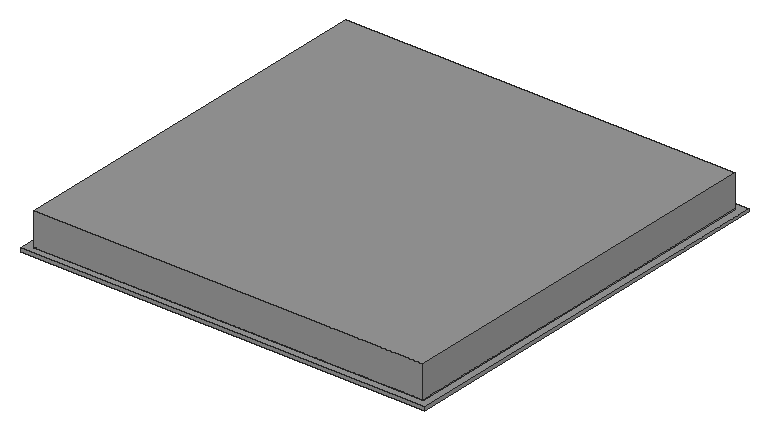
Revit family "63_UN_LEDPanel_RTP-XM 595x595 3-Lamps_Norton", category Lighting Fixtures, Revit 2019
Family settings
  Round Connector Dimension = Use Diameter
  Part Type = Normal
  OmniClass Number = 23.80.70.11.14.11
  OmniClass Title = Downlights
  Work Plane-Based = No
  Always vertical = Yes
  Cut with Voids When Loaded = No
  Light Source = Yes
  Shared = No
  Room Calculation Point = Yes
Parameters (values of type "RTP-XM LED 84 3 2900LM GST")
  Wattage Comments = "27W"
  Wattage = 19.5231 W
  built-in parameter 1150110 = 1 (stored number, unit not read)
  Voltage = 230 V
  URL = "https://www.ivlibrary.com/"
  Type Comments = "60x60"
  built-in parameter 1114217 = 1 (stored number, unit not read)
  Tilt Angle = 90.00°
  built-in parameter 1150109 = 1 (stored number, unit not read)
  built-in parameter 1150134 = 3
  Symbol_ToScale [instance] = not(Symbol_RealSize)  # no
  Symbol_RealSize [instance] = yes
  Switch Code [instance] = ""
  built-in parameter 1150113 = 1 (stored number, unit not read)
  Photometric Web File = "RTPXMLED843NLM2900_LDT.ies"
  Model = "RTP XM"
  Manufacturer = "Norton"
  built-in parameter 1150105 = 230.77 (stored number, unit not read)
  Luminous Flux (lm) = 2900 lm
  Lumens = 2900 lm
  built-in parameter 1150115 = 1 (stored number, unit not read)
  Luminaire Code [instance] = ""
  built-in parameter 1150137 = (empty or 0)
  built-in parameter 1150139 = (empty or 0)
  built-in parameter 1150112 = 1 (stored number, unit not read)
  built-in parameter 1150114 = 1 (stored number, unit not read)
  Lamp = "LED"
  L3 = 11 mm
  L2 = 596 mm
  L1 = 596 mm
  built-in parameter 1150132 = 2
  built-in parameter 1150102 = (empty or 0)
  built-in parameter 1150107 = 3200 (stored number, unit not read)
  built-in parameter 1150138 = (empty or 0)
  built-in parameter 1150106 = 2.3077 (stored number, unit not read)
  IfcExportType = "USERDEFINED"
  IfcExportAs = "IfcLightFixtureType"
  ISBN Code = "-"
  IP Value = "IP20"
  IK Value = "IK07"
  Housing_Material = Laminate, White
  H1 = 48 mm
  GTIN Code = "-"
  Emit from Rectangle Width = L2 - (L3 * 2)  # 574 mm
  Emit from Rectangle Length = L1 - (L3 * 2)  # 574 mm
  Emit Shape Visible in Rendering = no
  built-in parameter 1150104 = 13.8 (stored number, unit not read)
  ETIM Code = "-"
  Dimming Lamp Color Temperature Shift = <None>
  Description = ""
  Content Creator® = "www.ivlibrary.com"
  Color Filter = 16777215
  Calc_L2_Symbol = L2 / 100  # 5.96 mm
  Calc_L1_Symbol = L1 / 100  # 5.96 mm
  built-in parameter 1114218 = 1 (stored number, unit not read)
  built-in parameter 1150133 = 10 (stored number, unit not read)
  Assembly Code = "63.0"
  Apparent Load = 27 VA
Types (3, lengths in mm): name | Wattage | Photometric Web File | built-in parameter 1150105 | Luminous Flux (lm) | Lumens | built-in parameter 1150106
  RTP-XM LED 83 3 2800LM GST | 18.8499 W | "RTPXMLED833NLM2800_LDT.ies" | 222.82 (stored number, unit not read) | 2800 lm | 2800 lm | 2.2282 (stored number, unit not read)
  RTP-XM LED 83 3 2800LM GST NOOD | 18.8499 W | "RTPXMLED833NLM2800_LDT.ies" | 222.82 (stored number, unit not read) | 2800 lm | 2800 lm | 2.2282 (stored number, unit not read)
  RTP-XM LED 84 3 2900LM GST | 19.5231 W | "RTPXMLED843NLM2900_LDT.ies" | 230.77 (stored number, unit not read) | 2900 lm | 2900 lm | 2.3077 (stored number, unit not read)
Reference planes
  plane 1 "Center (Front/Back)": y = 0
  plane 2: z = 0
  plane 3 "Center (Left/Right)": x = 0
  plane 4: x = -287
  plane 5: x = 287
  plane 6: y = 287
  plane 7: y = -287
  plane 8: x = -298
  plane 9: x = 298
  plane 10: y = -298
  plane 11: y = 298
Forms (mm)
  Extrusion 1, solid, material "Laminate, White" <- "Housing_Material"
    sketch origin (0, 0, 0) x (1, 0, 0) y (0, 1, 0)
      loop
        line (-287, 287) -> (-287, -287) -> (287, -287) -> (287, 287) -> (-287, 287)
    from 0 to 48 <- "H1"
  Extrusion 2, solid, material "Laminate, White" <- "Housing_Material"
    sketch origin (0, 0, 0) x (1, 0, 0) y (0, 1, 0)
      loop
        line (-287, 287) -> (-287, -287) -> (287, -287) -> (287, 287) -> (-287, 287)
    from 0 to -1
  Extrusion 3, solid, material "Laminate, White" <- "Housing_Material"
    sketch origin (0, 0, 0) x (1, 0, 0) y (0, 1, 0)
      loop
        line (-287, 287) -> (-287, -287) -> (287, -287) -> (287, 287) -> (-287, 287)
      loop
        line (-298, -298) -> (298, -298) -> (298, 298) -> (-298, 298) -> (-298, -298)
    from 0 to -5
  Extrusion 4, void
    sketch origin (0, 0, 0) x (1, 0, 0) y (0, 0, 1)
      loop
        line (207.881, -5) -> (283.164, -5) -> (283.164, 12.612) -> (278.834, 15.112)
        arc (278.834, 15.112) -> (274.801, 30.999) -> (263.68, 43.039) r 33.311
        line (263.68, 43.039) -> (227.366, 43.039)
        arc (227.366, 43.039) -> (216.244, 30.999) -> (212.212, 15.112) r 33.311
        line (212.212, 15.112) -> (207.881, 12.612) -> (207.881, -5)
    from 282.903 to -282.882
  Extrusion 5, solid, material "Laminate, White" <- "Housing_Material"
    sketch origin (11, 250, 0) x (1, 0, 0) y (0, 0, 1)
      loop
        line (196.881, -1) -> (272.164, -1) -> (272.164, 12.612) -> (267.834, 15.112)
        arc (267.834, 15.112) -> (263.801, 30.999) -> (252.68, 43.039) r 33.311
        line (252.68, 43.039) -> (216.366, 43.039)
        arc (216.366, 43.039) -> (205.244, 30.999) -> (201.212, 15.112) r 33.311
        line (201.212, 15.112) -> (196.881, 12.612) -> (196.881, -1)
    from 1 to -1
  Extrusion 6, solid, material "Glass, White, High Luminance"
    sketch origin (0, 0, 0) x (1, 0, 0) y (0, 1, 0)
      loop
        line (263.662, 282.882) -> (227.351, 282.882) -> (227.351, -282.903) -> (263.662, -282.903) -> (263.662, 282.882)
    from 43.039 to 41.487
  Extrusion 7, solid, material "Laminate, White" <- "Housing_Material"
    sketch origin (11, -252.5, 0) x (1, 0, 0) y (0, 0, 1)
      loop
        line (196.881, -1) -> (272.164, -1) -> (272.164, 12.612) -> (267.834, 15.112)
        arc (267.834, 15.112) -> (263.801, 30.999) -> (252.68, 43.039) r 33.311
        line (252.68, 43.039) -> (216.366, 43.039)
        arc (216.366, 43.039) -> (205.244, 30.999) -> (201.212, 15.112) r 33.311
        line (201.212, 15.112) -> (196.881, 12.612) -> (196.881, -1)
    from 1 to -1
  Extrusion 8, solid, material "Laminate, White" <- "Housing_Material"
    sketch origin (11, 208.125, 0) x (1, 0, 0) y (0, 0, 1)
      loop
        line (196.881, -1) -> (272.164, -1) -> (272.164, 12.612) -> (267.834, 15.112)
        arc (267.834, 15.112) -> (263.801, 30.999) -> (252.68, 43.039) r 33.311
        line (252.68, 43.039) -> (216.366, 43.039)
        arc (216.366, 43.039) -> (205.244, 30.999) -> (201.212, 15.112) r 33.311
        line (201.212, 15.112) -> (196.881, 12.612) -> (196.881, -1)
    from 1 to -1
  Extrusion 9, solid, material "Laminate, White" <- "Housing_Material"
    sketch origin (11, 166.25, 0) x (1, 0, 0) y (0, 0, 1)
      loop
        line (196.881, -1) -> (272.164, -1) -> (272.164, 12.612) -> (267.834, 15.112)
        arc (267.834, 15.112) -> (263.801, 30.999) -> (252.68, 43.039) r 33.311
        line (252.68, 43.039) -> (216.366, 43.039)
        arc (216.366, 43.039) -> (205.244, 30.999) -> (201.212, 15.112) r 33.311
        line (201.212, 15.112) -> (196.881, 12.612) -> (196.881, -1)
    from 1 to -1
  Extrusion 10, solid, material "Laminate, White" <- "Housing_Material"
    sketch origin (11, 124.375, 0) x (1, 0, 0) y (0, 0, 1)
      loop
        line (196.881, -1) -> (272.164, -1) -> (272.164, 12.612) -> (267.834, 15.112)
        arc (267.834, 15.112) -> (263.801, 30.999) -> (252.68, 43.039) r 33.311
        line (252.68, 43.039) -> (216.366, 43.039)
        arc (216.366, 43.039) -> (205.244, 30.999) -> (201.212, 15.112) r 33.311
        line (201.212, 15.112) -> (196.881, 12.612) -> (196.881, -1)
    from 1 to -1
  Extrusion 11, solid, material "Laminate, White" <- "Housing_Material"
    sketch origin (11, 82.5, 0) x (1, 0, 0) y (0, 0, 1)
      loop
        line (196.881, -1) -> (272.164, -1) -> (272.164, 12.612) -> (267.834, 15.112)
        arc (267.834, 15.112) -> (263.801, 30.999) -> (252.68, 43.039) r 33.311
        line (252.68, 43.039) -> (216.366, 43.039)
        arc (216.366, 43.039) -> (205.244, 30.999) -> (201.212, 15.112) r 33.311
        line (201.212, 15.112) -> (196.881, 12.612) -> (196.881, -1)
    from 1 to -1
  Extrusion 12, solid, material "Laminate, White" <- "Housing_Material"
    sketch origin (11, 40.625, 0) x (1, 0, 0) y (0, 0, 1)
      loop
        line (196.881, -1) -> (272.164, -1) -> (272.164, 12.612) -> (267.834, 15.112)
        arc (267.834, 15.112) -> (263.801, 30.999) -> (252.68, 43.039) r 33.311
        line (252.68, 43.039) -> (216.366, 43.039)
        arc (216.366, 43.039) -> (205.244, 30.999) -> (201.212, 15.112) r 33.311
        line (201.212, 15.112) -> (196.881, 12.612) -> (196.881, -1)
    from 1 to -1
  Extrusion 13, solid, material "Laminate, White" <- "Housing_Material"
    sketch origin (11, -1.25, 0) x (1, 0, 0) y (0, 0, 1)
      loop
        line (196.881, -1) -> (272.164, -1) -> (272.164, 12.612) -> (267.834, 15.112)
        arc (267.834, 15.112) -> (263.801, 30.999) -> (252.68, 43.039) r 33.311
        line (252.68, 43.039) -> (216.366, 43.039)
        arc (216.366, 43.039) -> (205.244, 30.999) -> (201.212, 15.112) r 33.311
        line (201.212, 15.112) -> (196.881, 12.612) -> (196.881, -1)
    from 1 to -1
  Extrusion 14, solid, material "Laminate, White" <- "Housing_Material"
    sketch origin (11, -43.125, 0) x (1, 0, 0) y (0, 0, 1)
      loop
        line (196.881, -1) -> (272.164, -1) -> (272.164, 12.612) -> (267.834, 15.112)
        arc (267.834, 15.112) -> (263.801, 30.999) -> (252.68, 43.039) r 33.311
        line (252.68, 43.039) -> (216.366, 43.039)
        arc (216.366, 43.039) -> (205.244, 30.999) -> (201.212, 15.112) r 33.311
        line (201.212, 15.112) -> (196.881, 12.612) -> (196.881, -1)
    from 1 to -1
  Extrusion 15, solid, material "Laminate, White" <- "Housing_Material"
    sketch origin (11, -85, 0) x (1, 0, 0) y (0, 0, 1)
      loop
        line (196.881, -1) -> (272.164, -1) -> (272.164, 12.612) -> (267.834, 15.112)
        arc (267.834, 15.112) -> (263.801, 30.999) -> (252.68, 43.039) r 33.311
        line (252.68, 43.039) -> (216.366, 43.039)
        arc (216.366, 43.039) -> (205.244, 30.999) -> (201.212, 15.112) r 33.311
        line (201.212, 15.112) -> (196.881, 12.612) -> (196.881, -1)
    from 1 to -1
  Extrusion 16, solid, material "Laminate, White" <- "Housing_Material"
    sketch origin (11, -126.875, 0) x (1, 0, 0) y (0, 0, 1)
      loop
        line (196.881, -1) -> (272.164, -1) -> (272.164, 12.612) -> (267.834, 15.112)
        arc (267.834, 15.112) -> (263.801, 30.999) -> (252.68, 43.039) r 33.311
        line (252.68, 43.039) -> (216.366, 43.039)
        arc (216.366, 43.039) -> (205.244, 30.999) -> (201.212, 15.112) r 33.311
        line (201.212, 15.112) -> (196.881, 12.612) -> (196.881, -1)
    from 1 to -1
  Extrusion 17, solid, material "Laminate, White" <- "Housing_Material"
    sketch origin (11, -168.75, 0) x (1, 0, 0) y (0, 0, 1)
      loop
        line (196.881, -1) -> (272.164, -1) -> (272.164, 12.612) -> (267.834, 15.112)
        arc (267.834, 15.112) -> (263.801, 30.999) -> (252.68, 43.039) r 33.311
        line (252.68, 43.039) -> (216.366, 43.039)
        arc (216.366, 43.039) -> (205.244, 30.999) -> (201.212, 15.112) r 33.311
        line (201.212, 15.112) -> (196.881, 12.612) -> (196.881, -1)
    from 1 to -1
  Extrusion 18, solid, material "Laminate, White" <- "Housing_Material"
    sketch origin (11, -210.625, 0) x (1, 0, 0) y (0, 0, 1)
      loop
        line (196.881, -1) -> (272.164, -1) -> (272.164, 12.612) -> (267.834, 15.112)
        arc (267.834, 15.112) -> (263.801, 30.999) -> (252.68, 43.039) r 33.311
        line (252.68, 43.039) -> (216.366, 43.039)
        arc (216.366, 43.039) -> (205.244, 30.999) -> (201.212, 15.112) r 33.311
        line (201.212, 15.112) -> (196.881, 12.612) -> (196.881, -1)
    from 1 to -1
  Extrusion 19, solid, material "Laminate, White" <- "Housing_Material"
    sketch origin (-479.551, 250, 0) x (1, 0, 0) y (0, 0, 1)
      loop
        line (196.881, -1) -> (272.164, -1) -> (272.164, 12.612) -> (267.834, 15.112)
        arc (267.834, 15.112) -> (263.801, 30.999) -> (252.68, 43.039) r 33.311
        line (252.68, 43.039) -> (216.366, 43.039)
        arc (216.366, 43.039) -> (205.244, 30.999) -> (201.212, 15.112) r 33.311
        line (201.212, 15.112) -> (196.881, 12.612) -> (196.881, -1)
    from 1 to -1
  Extrusion 20, solid, material "Glass, White, High Luminance"
    sketch origin (-490.551, 0, 0) x (1, 0, 0) y (0, 1, 0)
      loop
        line (263.662, 282.882) -> (227.351, 282.882) -> (227.351, -282.903) -> (263.662, -282.903) -> (263.662, 282.882)
    from 43.039 to 41.487
  Extrusion 21, solid, material "Laminate, White" <- "Housing_Material"
    sketch origin (-479.551, -252.5, 0) x (1, 0, 0) y (0, 0, 1)
      loop
        line (196.881, -1) -> (272.164, -1) -> (272.164, 12.612) -> (267.834, 15.112)
        arc (267.834, 15.112) -> (263.801, 30.999) -> (252.68, 43.039) r 33.311
        line (252.68, 43.039) -> (216.366, 43.039)
        arc (216.366, 43.039) -> (205.244, 30.999) -> (201.212, 15.112) r 33.311
        line (201.212, 15.112) -> (196.881, 12.612) -> (196.881, -1)
    from 1 to -1
  Extrusion 22, solid, material "Laminate, White" <- "Housing_Material"
    sketch origin (-479.551, 208.125, 0) x (1, 0, 0) y (0, 0, 1)
      loop
        line (196.881, -1) -> (272.164, -1) -> (272.164, 12.612) -> (267.834, 15.112)
        arc (267.834, 15.112) -> (263.801, 30.999) -> (252.68, 43.039) r 33.311
        line (252.68, 43.039) -> (216.366, 43.039)
        arc (216.366, 43.039) -> (205.244, 30.999) -> (201.212, 15.112) r 33.311
        line (201.212, 15.112) -> (196.881, 12.612) -> (196.881, -1)
    from 1 to -1
  Extrusion 23, solid, material "Laminate, White" <- "Housing_Material"
    sketch origin (-479.551, 166.25, 0) x (1, 0, 0) y (0, 0, 1)
      loop
        line (196.881, -1) -> (272.164, -1) -> (272.164, 12.612) -> (267.834, 15.112)
        arc (267.834, 15.112) -> (263.801, 30.999) -> (252.68, 43.039) r 33.311
        line (252.68, 43.039) -> (216.366, 43.039)
        arc (216.366, 43.039) -> (205.244, 30.999) -> (201.212, 15.112) r 33.311
        line (201.212, 15.112) -> (196.881, 12.612) -> (196.881, -1)
    from 1 to -1
  Extrusion 24, solid, material "Laminate, White" <- "Housing_Material"
    sketch origin (-479.551, 124.375, 0) x (1, 0, 0) y (0, 0, 1)
      loop
        line (196.881, -1) -> (272.164, -1) -> (272.164, 12.612) -> (267.834, 15.112)
        arc (267.834, 15.112) -> (263.801, 30.999) -> (252.68, 43.039) r 33.311
        line (252.68, 43.039) -> (216.366, 43.039)
        arc (216.366, 43.039) -> (205.244, 30.999) -> (201.212, 15.112) r 33.311
        line (201.212, 15.112) -> (196.881, 12.612) -> (196.881, -1)
    from 1 to -1
  Extrusion 25, solid, material "Laminate, White" <- "Housing_Material"
    sketch origin (-479.551, 82.5, 0) x (1, 0, 0) y (0, 0, 1)
      loop
        line (196.881, -1) -> (272.164, -1) -> (272.164, 12.612) -> (267.834, 15.112)
        arc (267.834, 15.112) -> (263.801, 30.999) -> (252.68, 43.039) r 33.311
        line (252.68, 43.039) -> (216.366, 43.039)
        arc (216.366, 43.039) -> (205.244, 30.999) -> (201.212, 15.112) r 33.311
        line (201.212, 15.112) -> (196.881, 12.612) -> (196.881, -1)
    from 1 to -1
  Extrusion 26, solid, material "Laminate, White" <- "Housing_Material"
    sketch origin (-479.551, 40.625, 0) x (1, 0, 0) y (0, 0, 1)
      loop
        line (196.881, -1) -> (272.164, -1) -> (272.164, 12.612) -> (267.834, 15.112)
        arc (267.834, 15.112) -> (263.801, 30.999) -> (252.68, 43.039) r 33.311
        line (252.68, 43.039) -> (216.366, 43.039)
        arc (216.366, 43.039) -> (205.244, 30.999) -> (201.212, 15.112) r 33.311
        line (201.212, 15.112) -> (196.881, 12.612) -> (196.881, -1)
    from 1 to -1
  Extrusion 27, solid, material "Laminate, White" <- "Housing_Material"
    sketch origin (-479.551, -1.25, 0) x (1, 0, 0) y (0, 0, 1)
      loop
        line (196.881, -1) -> (272.164, -1) -> (272.164, 12.612) -> (267.834, 15.112)
        arc (267.834, 15.112) -> (263.801, 30.999) -> (252.68, 43.039) r 33.311
        line (252.68, 43.039) -> (216.366, 43.039)
        arc (216.366, 43.039) -> (205.244, 30.999) -> (201.212, 15.112) r 33.311
        line (201.212, 15.112) -> (196.881, 12.612) -> (196.881, -1)
    from 1 to -1
  Extrusion 28, solid, material "Laminate, White" <- "Housing_Material"
    sketch origin (-479.551, -43.125, 0) x (1, 0, 0) y (0, 0, 1)
      loop
        line (196.881, -1) -> (272.164, -1) -> (272.164, 12.612) -> (267.834, 15.112)
        arc (267.834, 15.112) -> (263.801, 30.999) -> (252.68, 43.039) r 33.311
        line (252.68, 43.039) -> (216.366, 43.039)
        arc (216.366, 43.039) -> (205.244, 30.999) -> (201.212, 15.112) r 33.311
        line (201.212, 15.112) -> (196.881, 12.612) -> (196.881, -1)
    from 1 to -1
  Extrusion 29, solid, material "Laminate, White" <- "Housing_Material"
    sketch origin (-479.551, -85, 0) x (1, 0, 0) y (0, 0, 1)
      loop
        line (196.881, -1) -> (272.164, -1) -> (272.164, 12.612) -> (267.834, 15.112)
        arc (267.834, 15.112) -> (263.801, 30.999) -> (252.68, 43.039) r 33.311
        line (252.68, 43.039) -> (216.366, 43.039)
        arc (216.366, 43.039) -> (205.244, 30.999) -> (201.212, 15.112) r 33.311
        line (201.212, 15.112) -> (196.881, 12.612) -> (196.881, -1)
    from 1 to -1
  Extrusion 30, solid, material "Laminate, White" <- "Housing_Material"
    sketch origin (-479.551, -126.875, 0) x (1, 0, 0) y (0, 0, 1)
      loop
        line (196.881, -1) -> (272.164, -1) -> (272.164, 12.612) -> (267.834, 15.112)
        arc (267.834, 15.112) -> (263.801, 30.999) -> (252.68, 43.039) r 33.311
        line (252.68, 43.039) -> (216.366, 43.039)
        arc (216.366, 43.039) -> (205.244, 30.999) -> (201.212, 15.112) r 33.311
        line (201.212, 15.112) -> (196.881, 12.612) -> (196.881, -1)
    from 1 to -1
  Extrusion 31, solid, material "Laminate, White" <- "Housing_Material"
    sketch origin (-479.551, -168.75, 0) x (1, 0, 0) y (0, 0, 1)
      loop
        line (196.881, -1) -> (272.164, -1) -> (272.164, 12.612) -> (267.834, 15.112)
        arc (267.834, 15.112) -> (263.801, 30.999) -> (252.68, 43.039) r 33.311
        line (252.68, 43.039) -> (216.366, 43.039)
        arc (216.366, 43.039) -> (205.244, 30.999) -> (201.212, 15.112) r 33.311
        line (201.212, 15.112) -> (196.881, 12.612) -> (196.881, -1)
    from 1 to -1
  Extrusion 32, solid, material "Laminate, White" <- "Housing_Material"
    sketch origin (-479.551, -210.625, 0) x (1, 0, 0) y (0, 0, 1)
      loop
        line (196.881, -1) -> (272.164, -1) -> (272.164, 12.612) -> (267.834, 15.112)
        arc (267.834, 15.112) -> (263.801, 30.999) -> (252.68, 43.039) r 33.311
        line (252.68, 43.039) -> (216.366, 43.039)
        arc (216.366, 43.039) -> (205.244, 30.999) -> (201.212, 15.112) r 33.311
        line (201.212, 15.112) -> (196.881, 12.612) -> (196.881, -1)
    from 1 to -1
  Extrusion 33, void
    sketch origin (-490.551, 0, 0) x (1, 0, 0) y (0, 0, 1)
      loop
        line (207.881, -5) -> (283.164, -5) -> (283.164, 12.612) -> (278.834, 15.112)
        arc (278.834, 15.112) -> (274.801, 30.999) -> (263.68, 43.039) r 33.311
        line (263.68, 43.039) -> (227.366, 43.039)
        arc (227.366, 43.039) -> (216.244, 30.999) -> (212.212, 15.112) r 33.311
        line (212.212, 15.112) -> (207.881, 12.612) -> (207.881, -5)
    from 282.903 to -282.882
  Extrusion 34, void
    sketch origin (-245.507, 0, 0) x (1, 0, 0) y (0, 0, 1)
      loop
        line (207.881, -5) -> (283.164, -5) -> (283.164, 12.612) -> (278.834, 15.112)
        arc (278.834, 15.112) -> (274.801, 30.999) -> (263.68, 43.039) r 33.311
        line (263.68, 43.039) -> (227.366, 43.039)
        arc (227.366, 43.039) -> (216.244, 30.999) -> (212.212, 15.112) r 33.311
        line (212.212, 15.112) -> (207.881, 12.612) -> (207.881, -5)
    from 282.903 to -282.882
  Extrusion 35, solid, material "Laminate, White" <- "Housing_Material"
    sketch origin (-234.507, 250, 0) x (1, 0, 0) y (0, 0, 1)
      loop
        line (196.881, -1) -> (272.164, -1) -> (272.164, 12.612) -> (267.834, 15.112)
        arc (267.834, 15.112) -> (263.801, 30.999) -> (252.68, 43.039) r 33.311
        line (252.68, 43.039) -> (216.366, 43.039)
        arc (216.366, 43.039) -> (205.244, 30.999) -> (201.212, 15.112) r 33.311
        line (201.212, 15.112) -> (196.881, 12.612) -> (196.881, -1)
    from 1 to -1
  Extrusion 36, solid, material "Laminate, White" <- "Housing_Material"
    sketch origin (-234.507, -252.5, 0) x (1, 0, 0) y (0, 0, 1)
      loop
        line (196.881, -1) -> (272.164, -1) -> (272.164, 12.612) -> (267.834, 15.112)
        arc (267.834, 15.112) -> (263.801, 30.999) -> (252.68, 43.039) r 33.311
        line (252.68, 43.039) -> (216.366, 43.039)
        arc (216.366, 43.039) -> (205.244, 30.999) -> (201.212, 15.112) r 33.311
        line (201.212, 15.112) -> (196.881, 12.612) -> (196.881, -1)
    from 1 to -1
  Extrusion 37, solid, material "Laminate, White" <- "Housing_Material"
    sketch origin (-234.507, 208.125, 0) x (1, 0, 0) y (0, 0, 1)
      loop
        line (196.881, -1) -> (272.164, -1) -> (272.164, 12.612) -> (267.834, 15.112)
        arc (267.834, 15.112) -> (263.801, 30.999) -> (252.68, 43.039) r 33.311
        line (252.68, 43.039) -> (216.366, 43.039)
        arc (216.366, 43.039) -> (205.244, 30.999) -> (201.212, 15.112) r 33.311
        line (201.212, 15.112) -> (196.881, 12.612) -> (196.881, -1)
    from 1 to -1
  Extrusion 38, solid, material "Laminate, White" <- "Housing_Material"
    sketch origin (-234.507, 166.25, 0) x (1, 0, 0) y (0, 0, 1)
      loop
        line (196.881, -1) -> (272.164, -1) -> (272.164, 12.612) -> (267.834, 15.112)
        arc (267.834, 15.112) -> (263.801, 30.999) -> (252.68, 43.039) r 33.311
        line (252.68, 43.039) -> (216.366, 43.039)
        arc (216.366, 43.039) -> (205.244, 30.999) -> (201.212, 15.112) r 33.311
        line (201.212, 15.112) -> (196.881, 12.612) -> (196.881, -1)
    from 1 to -1
  Extrusion 39, solid, material "Laminate, White" <- "Housing_Material"
    sketch origin (-234.507, 124.375, 0) x (1, 0, 0) y (0, 0, 1)
      loop
        line (196.881, -1) -> (272.164, -1) -> (272.164, 12.612) -> (267.834, 15.112)
        arc (267.834, 15.112) -> (263.801, 30.999) -> (252.68, 43.039) r 33.311
        line (252.68, 43.039) -> (216.366, 43.039)
        arc (216.366, 43.039) -> (205.244, 30.999) -> (201.212, 15.112) r 33.311
        line (201.212, 15.112) -> (196.881, 12.612) -> (196.881, -1)
    from 1 to -1
  Extrusion 40, solid, material "Laminate, White" <- "Housing_Material"
    sketch origin (-234.507, 82.5, 0) x (1, 0, 0) y (0, 0, 1)
      loop
        line (196.881, -1) -> (272.164, -1) -> (272.164, 12.612) -> (267.834, 15.112)
        arc (267.834, 15.112) -> (263.801, 30.999) -> (252.68, 43.039) r 33.311
        line (252.68, 43.039) -> (216.366, 43.039)
        arc (216.366, 43.039) -> (205.244, 30.999) -> (201.212, 15.112) r 33.311
        line (201.212, 15.112) -> (196.881, 12.612) -> (196.881, -1)
    from 1 to -1
  Extrusion 41, solid, material "Laminate, White" <- "Housing_Material"
    sketch origin (-234.507, 40.625, 0) x (1, 0, 0) y (0, 0, 1)
      loop
        line (196.881, -1) -> (272.164, -1) -> (272.164, 12.612) -> (267.834, 15.112)
        arc (267.834, 15.112) -> (263.801, 30.999) -> (252.68, 43.039) r 33.311
        line (252.68, 43.039) -> (216.366, 43.039)
        arc (216.366, 43.039) -> (205.244, 30.999) -> (201.212, 15.112) r 33.311
        line (201.212, 15.112) -> (196.881, 12.612) -> (196.881, -1)
    from 1 to -1
  Extrusion 42, solid, material "Laminate, White" <- "Housing_Material"
    sketch origin (-234.507, -1.25, 0) x (1, 0, 0) y (0, 0, 1)
      loop
        line (196.881, -1) -> (272.164, -1) -> (272.164, 12.612) -> (267.834, 15.112)
        arc (267.834, 15.112) -> (263.801, 30.999) -> (252.68, 43.039) r 33.311
        line (252.68, 43.039) -> (216.366, 43.039)
        arc (216.366, 43.039) -> (205.244, 30.999) -> (201.212, 15.112) r 33.311
        line (201.212, 15.112) -> (196.881, 12.612) -> (196.881, -1)
    from 1 to -1
  Extrusion 43, solid, material "Laminate, White" <- "Housing_Material"
    sketch origin (-234.507, -43.125, 0) x (1, 0, 0) y (0, 0, 1)
      loop
        line (196.881, -1) -> (272.164, -1) -> (272.164, 12.612) -> (267.834, 15.112)
        arc (267.834, 15.112) -> (263.801, 30.999) -> (252.68, 43.039) r 33.311
        line (252.68, 43.039) -> (216.366, 43.039)
        arc (216.366, 43.039) -> (205.244, 30.999) -> (201.212, 15.112) r 33.311
        line (201.212, 15.112) -> (196.881, 12.612) -> (196.881, -1)
    from 1 to -1
  Extrusion 44, solid, material "Laminate, White" <- "Housing_Material"
    sketch origin (-234.507, -85, 0) x (1, 0, 0) y (0, 0, 1)
      loop
        line (196.881, -1) -> (272.164, -1) -> (272.164, 12.612) -> (267.834, 15.112)
        arc (267.834, 15.112) -> (263.801, 30.999) -> (252.68, 43.039) r 33.311
        line (252.68, 43.039) -> (216.366, 43.039)
        arc (216.366, 43.039) -> (205.244, 30.999) -> (201.212, 15.112) r 33.311
        line (201.212, 15.112) -> (196.881, 12.612) -> (196.881, -1)
    from 1 to -1
  Extrusion 45, solid, material "Laminate, White" <- "Housing_Material"
    sketch origin (-234.507, -126.875, 0) x (1, 0, 0) y (0, 0, 1)
      loop
        line (196.881, -1) -> (272.164, -1) -> (272.164, 12.612) -> (267.834, 15.112)
        arc (267.834, 15.112) -> (263.801, 30.999) -> (252.68, 43.039) r 33.311
        line (252.68, 43.039) -> (216.366, 43.039)
        arc (216.366, 43.039) -> (205.244, 30.999) -> (201.212, 15.112) r 33.311
        line (201.212, 15.112) -> (196.881, 12.612) -> (196.881, -1)
    from 1 to -1
  Extrusion 46, solid, material "Laminate, White" <- "Housing_Material"
    sketch origin (-234.507, -168.75, 0) x (1, 0, 0) y (0, 0, 1)
      loop
        line (196.881, -1) -> (272.164, -1) -> (272.164, 12.612) -> (267.834, 15.112)
        arc (267.834, 15.112) -> (263.801, 30.999) -> (252.68, 43.039) r 33.311
        line (252.68, 43.039) -> (216.366, 43.039)
        arc (216.366, 43.039) -> (205.244, 30.999) -> (201.212, 15.112) r 33.311
        line (201.212, 15.112) -> (196.881, 12.612) -> (196.881, -1)
    from 1 to -1
  Extrusion 47, solid, material "Laminate, White" <- "Housing_Material"
    sketch origin (-234.507, -210.625, 0) x (1, 0, 0) y (0, 0, 1)
      loop
        line (196.881, -1) -> (272.164, -1) -> (272.164, 12.612) -> (267.834, 15.112)
        arc (267.834, 15.112) -> (263.801, 30.999) -> (252.68, 43.039) r 33.311
        line (252.68, 43.039) -> (216.366, 43.039)
        arc (216.366, 43.039) -> (205.244, 30.999) -> (201.212, 15.112) r 33.311
        line (201.212, 15.112) -> (196.881, 12.612) -> (196.881, -1)
    from 1 to -1
  Extrusion 48, solid, material "Glass, White, High Luminance"
    sketch origin (-41.971, -0.591, 0) x (1, 0, 0) y (0, 1, 0)
      loop
        line (60.128, 283.473) -> (23.814, 283.473) -> (23.814, -282.312) -> (60.128, -282.312) -> (60.128, 283.473)
    from 42 to 43.039
  Extrusion 49, solid, material "Glass, White, High Luminance"
    sketch origin (203.519, -0.591, 0) x (1, 0, 0) y (0, 1, 0)
      loop
        line (60.128, 283.473) -> (23.814, 283.473) -> (23.814, -282.312) -> (60.128, -282.312) -> (60.128, 283.473)
    from 42 to 43.039
  Extrusion 50, solid, material "Glass, White, High Luminance"
    sketch origin (-287.016, -0.591, 0) x (1, 0, 0) y (0, 1, 0)
      loop
        line (60.128, 283.473) -> (23.814, 283.473) -> (23.814, -282.312) -> (60.128, -282.312) -> (60.128, 283.473)
    from 42 to 43.039
Cuts and joins
  Extrusion 4, Extrusion 33, Extrusion 34 cuts Extrusion 1
  Extrusion 4, Extrusion 33, Extrusion 34 cuts Extrusion 2
  Extrusion 33 cuts Extrusion 5
  Extrusion 33 cuts Extrusion 6
  Extrusion 33 cuts Extrusion 7
  Extrusion 33 cuts Extrusion 8
  Extrusion 33 cuts Extrusion 9
  Extrusion 33 cuts Extrusion 10
  Extrusion 33 cuts Extrusion 11
  Extrusion 33 cuts Extrusion 12
  Extrusion 33 cuts Extrusion 13
  Extrusion 33 cuts Extrusion 14
  Extrusion 33 cuts Extrusion 15
  Extrusion 33 cuts Extrusion 16
  Extrusion 33 cuts Extrusion 17
  Extrusion 33 cuts Extrusion 18
  Extrusion 34 cuts Extrusion 19
  Extrusion 34 cuts Extrusion 20
  Extrusion 34 cuts Extrusion 21
  Extrusion 34 cuts Extrusion 22
  Extrusion 34 cuts Extrusion 23
  Extrusion 34 cuts Extrusion 24
  Extrusion 34 cuts Extrusion 25
  Extrusion 34 cuts Extrusion 26
  Extrusion 34 cuts Extrusion 27
  Extrusion 34 cuts Extrusion 28
  Extrusion 34 cuts Extrusion 29
  Extrusion 34 cuts Extrusion 30
  Extrusion 34 cuts Extrusion 31
  Extrusion 34 cuts Extrusion 32
Lines and regions (mm)
  symbolic lines, visible <- "Symbol_RealSize"
    curve 1: line (-298, -298, 0) -> (298, -298, 0)
    curve 2: line (-298, 298, 0) -> (-298, -298, 0)
    curve 3: line (298, 298, 0) -> (-298, 298, 0)
    curve 4: line (298, -298, 0) -> (298, 298, 0)
Dimensions and locks
  equal spacing: plane 11, plane 1 "Center (Front/Back)", plane 10
  equal spacing: plane 8, plane 3 "Center (Left/Right)", plane 9
  "L1": plane 8 to plane 9
  "L2": plane 11 to plane 10
  "H1": Extrusion 1 to level
  "L3": plane 8 to plane 4
  "L3": plane 5 to plane 9
  "L3": plane 6 to plane 11
  "L3": plane 7 to plane 10
  aligned and locked: level to plane 2
  aligned and locked: Extrusion 1 sketch curve to plane 6
  aligned and locked: plane 4 to Extrusion 1 sketch curve
  aligned and locked: plane 7 to Extrusion 1 sketch curve
  aligned and locked: plane 5 to Extrusion 1 sketch curve
  aligned and locked: Extrusion 2 sketch curve to Extrusion 1  (x4)
  aligned and locked: plane 11 to Extrusion 3
  aligned and locked: plane 9 to Extrusion 3
  aligned and locked: plane 10 to Extrusion 3
  aligned and locked: plane 8 to Extrusion 3
  aligned and locked: plane 9 to Extrusion 3 sketch curve
  aligned and locked: plane 10 to Extrusion 3 sketch curve
  aligned and locked: plane 8 to Extrusion 3 sketch curve
  aligned and locked: plane 11 to Extrusion 3 sketch curve
  aligned and locked: plane 5 to Extrusion 3 sketch curve
  aligned and locked: Extrusion 3 sketch curve to plane 6
  aligned and locked: plane 4 to Extrusion 3 sketch curve
  aligned and locked: plane 7 to Extrusion 3 sketch curve
Automatic sketch dimensions
  Extrusion 5 sketch curve to Extrusion 5 sketch curve = 0 mm  (x4)
  Extrusion 5 sketch curve to Extrusion 5 sketch curve = 4.33 mm  (x2)
  Extrusion 5 sketch curve to Extrusion 5 sketch curve = 15.154 mm
  Extrusion 5 sketch curve to Extrusion 5 sketch curve = 33.311 mm
  Extrusion 5 sketch curve to Extrusion 5 sketch curve = 2.5 mm  (x2)
  Extrusion 5 sketch curve to Extrusion 5 sketch curve = 18.157 mm
  Extrusion 5 sketch curve to Extrusion 5 sketch curve = 13.612 mm
  Extrusion 7 sketch curve to Extrusion 7 sketch curve = 0 mm  (x4)
  Extrusion 7 sketch curve to Extrusion 7 sketch curve = 4.33 mm  (x2)
  Extrusion 7 sketch curve to Extrusion 7 sketch curve = 15.154 mm
  Extrusion 7 sketch curve to Extrusion 7 sketch curve = 33.311 mm
  Extrusion 7 sketch curve to Extrusion 7 sketch curve = 2.5 mm  (x2)
  Extrusion 7 sketch curve to Extrusion 7 sketch curve = 18.157 mm
  Extrusion 7 sketch curve to Extrusion 7 sketch curve = 13.612 mm
  Extrusion 8 sketch curve to Extrusion 8 sketch curve = 0 mm  (x4)
  Extrusion 8 sketch curve to Extrusion 8 sketch curve = 4.33 mm  (x2)
  Extrusion 8 sketch curve to Extrusion 8 sketch curve = 15.154 mm
  Extrusion 8 sketch curve to Extrusion 8 sketch curve = 33.311 mm
  Extrusion 8 sketch curve to Extrusion 8 sketch curve = 2.5 mm  (x2)
  Extrusion 8 sketch curve to Extrusion 8 sketch curve = 18.157 mm
  Extrusion 8 sketch curve to Extrusion 8 sketch curve = 13.612 mm
  Extrusion 9 sketch curve to Extrusion 9 sketch curve = 0 mm  (x4)
  Extrusion 9 sketch curve to Extrusion 9 sketch curve = 4.33 mm  (x2)
  Extrusion 9 sketch curve to Extrusion 9 sketch curve = 15.154 mm
  Extrusion 9 sketch curve to Extrusion 9 sketch curve = 33.311 mm
  Extrusion 9 sketch curve to Extrusion 9 sketch curve = 2.5 mm  (x2)
  Extrusion 9 sketch curve to Extrusion 9 sketch curve = 18.157 mm
  Extrusion 9 sketch curve to Extrusion 9 sketch curve = 13.612 mm
  Extrusion 10 sketch curve to Extrusion 10 sketch curve = 0 mm  (x4)
  Extrusion 10 sketch curve to Extrusion 10 sketch curve = 4.33 mm  (x2)
  Extrusion 10 sketch curve to Extrusion 10 sketch curve = 15.154 mm
  Extrusion 10 sketch curve to Extrusion 10 sketch curve = 33.311 mm
  Extrusion 10 sketch curve to Extrusion 10 sketch curve = 2.5 mm  (x2)
  Extrusion 10 sketch curve to Extrusion 10 sketch curve = 18.157 mm
  Extrusion 10 sketch curve to Extrusion 10 sketch curve = 13.612 mm
  Extrusion 11 sketch curve to Extrusion 11 sketch curve = 0 mm  (x4)
  Extrusion 11 sketch curve to Extrusion 11 sketch curve = 4.33 mm  (x2)
  Extrusion 11 sketch curve to Extrusion 11 sketch curve = 15.154 mm
  Extrusion 11 sketch curve to Extrusion 11 sketch curve = 33.311 mm
  Extrusion 11 sketch curve to Extrusion 11 sketch curve = 2.5 mm  (x2)
  Extrusion 11 sketch curve to Extrusion 11 sketch curve = 18.157 mm
  Extrusion 11 sketch curve to Extrusion 11 sketch curve = 13.612 mm
  Extrusion 12 sketch curve to Extrusion 12 sketch curve = 0 mm  (x4)
  Extrusion 12 sketch curve to Extrusion 12 sketch curve = 4.33 mm  (x2)
  Extrusion 12 sketch curve to Extrusion 12 sketch curve = 15.154 mm
  Extrusion 12 sketch curve to Extrusion 12 sketch curve = 33.311 mm
  Extrusion 12 sketch curve to Extrusion 12 sketch curve = 2.5 mm  (x2)
  Extrusion 12 sketch curve to Extrusion 12 sketch curve = 18.157 mm
  Extrusion 12 sketch curve to Extrusion 12 sketch curve = 13.612 mm
  Extrusion 13 sketch curve to Extrusion 13 sketch curve = 0 mm  (x4)
  Extrusion 13 sketch curve to Extrusion 13 sketch curve = 4.33 mm  (x2)
  Extrusion 13 sketch curve to Extrusion 13 sketch curve = 15.154 mm
  Extrusion 13 sketch curve to Extrusion 13 sketch curve = 33.311 mm
  Extrusion 13 sketch curve to Extrusion 13 sketch curve = 2.5 mm  (x2)
  Extrusion 13 sketch curve to Extrusion 13 sketch curve = 18.157 mm
  Extrusion 13 sketch curve to Extrusion 13 sketch curve = 13.612 mm
  Extrusion 14 sketch curve to Extrusion 14 sketch curve = 0 mm  (x4)
  Extrusion 14 sketch curve to Extrusion 14 sketch curve = 4.33 mm  (x2)
  Extrusion 14 sketch curve to Extrusion 14 sketch curve = 15.154 mm
  Extrusion 14 sketch curve to Extrusion 14 sketch curve = 33.311 mm
  Extrusion 14 sketch curve to Extrusion 14 sketch curve = 2.5 mm  (x2)
  Extrusion 14 sketch curve to Extrusion 14 sketch curve = 18.157 mm
  Extrusion 14 sketch curve to Extrusion 14 sketch curve = 13.612 mm
  Extrusion 15 sketch curve to Extrusion 15 sketch curve = 0 mm  (x4)
  Extrusion 15 sketch curve to Extrusion 15 sketch curve = 4.33 mm  (x2)
  Extrusion 15 sketch curve to Extrusion 15 sketch curve = 15.154 mm
  Extrusion 15 sketch curve to Extrusion 15 sketch curve = 33.311 mm
  Extrusion 15 sketch curve to Extrusion 15 sketch curve = 2.5 mm  (x2)
  Extrusion 15 sketch curve to Extrusion 15 sketch curve = 18.157 mm
  Extrusion 15 sketch curve to Extrusion 15 sketch curve = 13.612 mm
  Extrusion 16 sketch curve to Extrusion 16 sketch curve = 0 mm  (x4)
  Extrusion 16 sketch curve to Extrusion 16 sketch curve = 4.33 mm  (x2)
  Extrusion 16 sketch curve to Extrusion 16 sketch curve = 15.154 mm
  Extrusion 16 sketch curve to Extrusion 16 sketch curve = 33.311 mm
  Extrusion 16 sketch curve to Extrusion 16 sketch curve = 2.5 mm  (x2)
  Extrusion 16 sketch curve to Extrusion 16 sketch curve = 18.157 mm
  Extrusion 16 sketch curve to Extrusion 16 sketch curve = 13.612 mm
  Extrusion 17 sketch curve to Extrusion 17 sketch curve = 0 mm  (x4)
  Extrusion 17 sketch curve to Extrusion 17 sketch curve = 4.33 mm  (x2)
  Extrusion 17 sketch curve to Extrusion 17 sketch curve = 15.154 mm
  Extrusion 17 sketch curve to Extrusion 17 sketch curve = 33.311 mm
  Extrusion 17 sketch curve to Extrusion 17 sketch curve = 2.5 mm  (x2)
  Extrusion 17 sketch curve to Extrusion 17 sketch curve = 18.157 mm
  Extrusion 17 sketch curve to Extrusion 17 sketch curve = 13.612 mm
  Extrusion 18 sketch curve to Extrusion 18 sketch curve = 0 mm  (x4)
  Extrusion 18 sketch curve to Extrusion 18 sketch curve = 4.33 mm  (x2)
  Extrusion 18 sketch curve to Extrusion 18 sketch curve = 15.154 mm
  Extrusion 18 sketch curve to Extrusion 18 sketch curve = 33.311 mm
  Extrusion 18 sketch curve to Extrusion 18 sketch curve = 2.5 mm  (x2)
  Extrusion 18 sketch curve to Extrusion 18 sketch curve = 18.157 mm
  Extrusion 18 sketch curve to Extrusion 18 sketch curve = 13.612 mm
  Extrusion 19 sketch curve to Extrusion 19 sketch curve = 0 mm  (x4)
  Extrusion 19 sketch curve to Extrusion 19 sketch curve = 4.33 mm  (x2)
  Extrusion 19 sketch curve to Extrusion 19 sketch curve = 15.154 mm
  Extrusion 19 sketch curve to Extrusion 19 sketch curve = 33.311 mm
  Extrusion 19 sketch curve to Extrusion 19 sketch curve = 2.5 mm  (x2)
  Extrusion 19 sketch curve to Extrusion 19 sketch curve = 18.157 mm
  Extrusion 19 sketch curve to Extrusion 19 sketch curve = 13.612 mm
  Extrusion 21 sketch curve to Extrusion 21 sketch curve = 0 mm  (x4)
  Extrusion 21 sketch curve to Extrusion 21 sketch curve = 4.33 mm  (x2)
  Extrusion 21 sketch curve to Extrusion 21 sketch curve = 15.154 mm
  Extrusion 21 sketch curve to Extrusion 21 sketch curve = 33.311 mm
  Extrusion 21 sketch curve to Extrusion 21 sketch curve = 2.5 mm  (x2)
  Extrusion 21 sketch curve to Extrusion 21 sketch curve = 18.157 mm
  Extrusion 21 sketch curve to Extrusion 21 sketch curve = 13.612 mm
  Extrusion 22 sketch curve to Extrusion 22 sketch curve = 0 mm  (x4)
  Extrusion 22 sketch curve to Extrusion 22 sketch curve = 4.33 mm  (x2)
  Extrusion 22 sketch curve to Extrusion 22 sketch curve = 15.154 mm
  Extrusion 22 sketch curve to Extrusion 22 sketch curve = 33.311 mm
  Extrusion 22 sketch curve to Extrusion 22 sketch curve = 2.5 mm  (x2)
  Extrusion 22 sketch curve to Extrusion 22 sketch curve = 18.157 mm
  Extrusion 22 sketch curve to Extrusion 22 sketch curve = 13.612 mm
  Extrusion 23 sketch curve to Extrusion 23 sketch curve = 0 mm  (x4)
  Extrusion 23 sketch curve to Extrusion 23 sketch curve = 4.33 mm  (x2)
  Extrusion 23 sketch curve to Extrusion 23 sketch curve = 15.154 mm
  Extrusion 23 sketch curve to Extrusion 23 sketch curve = 33.311 mm
  Extrusion 23 sketch curve to Extrusion 23 sketch curve = 2.5 mm  (x2)
  Extrusion 23 sketch curve to Extrusion 23 sketch curve = 18.157 mm
  Extrusion 23 sketch curve to Extrusion 23 sketch curve = 13.612 mm
  Extrusion 24 sketch curve to Extrusion 24 sketch curve = 0 mm  (x4)
  Extrusion 24 sketch curve to Extrusion 24 sketch curve = 4.33 mm  (x2)
  Extrusion 24 sketch curve to Extrusion 24 sketch curve = 15.154 mm
  Extrusion 24 sketch curve to Extrusion 24 sketch curve = 33.311 mm
  Extrusion 24 sketch curve to Extrusion 24 sketch curve = 2.5 mm  (x2)
  Extrusion 24 sketch curve to Extrusion 24 sketch curve = 18.157 mm
  Extrusion 24 sketch curve to Extrusion 24 sketch curve = 13.612 mm
  Extrusion 25 sketch curve to Extrusion 25 sketch curve = 0 mm  (x4)
  Extrusion 25 sketch curve to Extrusion 25 sketch curve = 4.33 mm  (x2)
  Extrusion 25 sketch curve to Extrusion 25 sketch curve = 15.154 mm
  Extrusion 25 sketch curve to Extrusion 25 sketch curve = 33.311 mm
  Extrusion 25 sketch curve to Extrusion 25 sketch curve = 2.5 mm  (x2)
  Extrusion 25 sketch curve to Extrusion 25 sketch curve = 18.157 mm
  Extrusion 25 sketch curve to Extrusion 25 sketch curve = 13.612 mm
  Extrusion 26 sketch curve to Extrusion 26 sketch curve = 0 mm  (x4)
  Extrusion 26 sketch curve to Extrusion 26 sketch curve = 4.33 mm  (x2)
  Extrusion 26 sketch curve to Extrusion 26 sketch curve = 15.154 mm
  Extrusion 26 sketch curve to Extrusion 26 sketch curve = 33.311 mm
  Extrusion 26 sketch curve to Extrusion 26 sketch curve = 2.5 mm  (x2)
  Extrusion 26 sketch curve to Extrusion 26 sketch curve = 18.157 mm
  Extrusion 26 sketch curve to Extrusion 26 sketch curve = 13.612 mm
  Extrusion 27 sketch curve to Extrusion 27 sketch curve = 0 mm  (x4)
  Extrusion 27 sketch curve to Extrusion 27 sketch curve = 4.33 mm  (x2)
  Extrusion 27 sketch curve to Extrusion 27 sketch curve = 15.154 mm
  Extrusion 27 sketch curve to Extrusion 27 sketch curve = 33.311 mm
  Extrusion 27 sketch curve to Extrusion 27 sketch curve = 2.5 mm  (x2)
  Extrusion 27 sketch curve to Extrusion 27 sketch curve = 18.157 mm
  Extrusion 27 sketch curve to Extrusion 27 sketch curve = 13.612 mm
  Extrusion 28 sketch curve to Extrusion 28 sketch curve = 0 mm  (x4)
  Extrusion 28 sketch curve to Extrusion 28 sketch curve = 4.33 mm  (x2)
  Extrusion 28 sketch curve to Extrusion 28 sketch curve = 15.154 mm
  Extrusion 28 sketch curve to Extrusion 28 sketch curve = 33.311 mm
  Extrusion 28 sketch curve to Extrusion 28 sketch curve = 2.5 mm  (x2)
  Extrusion 28 sketch curve to Extrusion 28 sketch curve = 18.157 mm
  Extrusion 28 sketch curve to Extrusion 28 sketch curve = 13.612 mm
  Extrusion 29 sketch curve to Extrusion 29 sketch curve = 0 mm  (x4)
  Extrusion 29 sketch curve to Extrusion 29 sketch curve = 4.33 mm  (x2)
  Extrusion 29 sketch curve to Extrusion 29 sketch curve = 15.154 mm
  Extrusion 29 sketch curve to Extrusion 29 sketch curve = 33.311 mm
  Extrusion 29 sketch curve to Extrusion 29 sketch curve = 2.5 mm  (x2)
  Extrusion 29 sketch curve to Extrusion 29 sketch curve = 18.157 mm
  Extrusion 29 sketch curve to Extrusion 29 sketch curve = 13.612 mm
  Extrusion 30 sketch curve to Extrusion 30 sketch curve = 0 mm  (x4)
  Extrusion 30 sketch curve to Extrusion 30 sketch curve = 4.33 mm  (x2)
  Extrusion 30 sketch curve to Extrusion 30 sketch curve = 15.154 mm
  Extrusion 30 sketch curve to Extrusion 30 sketch curve = 33.311 mm
  Extrusion 30 sketch curve to Extrusion 30 sketch curve = 2.5 mm  (x2)
  Extrusion 30 sketch curve to Extrusion 30 sketch curve = 18.157 mm
  Extrusion 30 sketch curve to Extrusion 30 sketch curve = 13.612 mm
  Extrusion 31 sketch curve to Extrusion 31 sketch curve = 0 mm  (x4)
  Extrusion 31 sketch curve to Extrusion 31 sketch curve = 4.33 mm  (x2)
  Extrusion 31 sketch curve to Extrusion 31 sketch curve = 15.154 mm
  Extrusion 31 sketch curve to Extrusion 31 sketch curve = 33.311 mm
  Extrusion 31 sketch curve to Extrusion 31 sketch curve = 2.5 mm  (x2)
  Extrusion 31 sketch curve to Extrusion 31 sketch curve = 18.157 mm
  Extrusion 31 sketch curve to Extrusion 31 sketch curve = 13.612 mm
  Extrusion 32 sketch curve to Extrusion 32 sketch curve = 0 mm  (x4)
  Extrusion 32 sketch curve to Extrusion 32 sketch curve = 4.33 mm  (x2)
  Extrusion 32 sketch curve to Extrusion 32 sketch curve = 15.154 mm
  Extrusion 32 sketch curve to Extrusion 32 sketch curve = 33.311 mm
  Extrusion 32 sketch curve to Extrusion 32 sketch curve = 2.5 mm  (x2)
  Extrusion 32 sketch curve to Extrusion 32 sketch curve = 18.157 mm
  Extrusion 32 sketch curve to Extrusion 32 sketch curve = 13.612 mm
  Extrusion 35 sketch curve to Extrusion 35 sketch curve = 0 mm  (x4)
  Extrusion 35 sketch curve to Extrusion 35 sketch curve = 4.33 mm  (x2)
  Extrusion 35 sketch curve to Extrusion 35 sketch curve = 15.154 mm
  Extrusion 35 sketch curve to Extrusion 35 sketch curve = 33.311 mm
  Extrusion 35 sketch curve to Extrusion 35 sketch curve = 2.5 mm  (x2)
  Extrusion 35 sketch curve to Extrusion 35 sketch curve = 18.157 mm
  Extrusion 35 sketch curve to Extrusion 35 sketch curve = 13.612 mm
  Extrusion 36 sketch curve to Extrusion 36 sketch curve = 0 mm  (x4)
  Extrusion 36 sketch curve to Extrusion 36 sketch curve = 4.33 mm  (x2)
  Extrusion 36 sketch curve to Extrusion 36 sketch curve = 15.154 mm
  Extrusion 36 sketch curve to Extrusion 36 sketch curve = 33.311 mm
  Extrusion 36 sketch curve to Extrusion 36 sketch curve = 2.5 mm  (x2)
  Extrusion 36 sketch curve to Extrusion 36 sketch curve = 18.157 mm
  Extrusion 36 sketch curve to Extrusion 36 sketch curve = 13.612 mm
  Extrusion 37 sketch curve to Extrusion 37 sketch curve = 0 mm  (x4)
  Extrusion 37 sketch curve to Extrusion 37 sketch curve = 4.33 mm  (x2)
  Extrusion 37 sketch curve to Extrusion 37 sketch curve = 15.154 mm
  Extrusion 37 sketch curve to Extrusion 37 sketch curve = 33.311 mm
  Extrusion 37 sketch curve to Extrusion 37 sketch curve = 2.5 mm  (x2)
  Extrusion 37 sketch curve to Extrusion 37 sketch curve = 18.157 mm
  Extrusion 37 sketch curve to Extrusion 37 sketch curve = 13.612 mm
  Extrusion 38 sketch curve to Extrusion 38 sketch curve = 0 mm  (x4)
  Extrusion 38 sketch curve to Extrusion 38 sketch curve = 4.33 mm  (x2)
  Extrusion 38 sketch curve to Extrusion 38 sketch curve = 15.154 mm
  Extrusion 38 sketch curve to Extrusion 38 sketch curve = 33.311 mm
  Extrusion 38 sketch curve to Extrusion 38 sketch curve = 2.5 mm  (x2)
  Extrusion 38 sketch curve to Extrusion 38 sketch curve = 18.157 mm
  Extrusion 38 sketch curve to Extrusion 38 sketch curve = 13.612 mm
  Extrusion 39 sketch curve to Extrusion 39 sketch curve = 0 mm  (x4)
  Extrusion 39 sketch curve to Extrusion 39 sketch curve = 4.33 mm  (x2)
  Extrusion 39 sketch curve to Extrusion 39 sketch curve = 15.154 mm
  Extrusion 39 sketch curve to Extrusion 39 sketch curve = 33.311 mm
  Extrusion 39 sketch curve to Extrusion 39 sketch curve = 2.5 mm  (x2)
  Extrusion 39 sketch curve to Extrusion 39 sketch curve = 18.157 mm
  Extrusion 39 sketch curve to Extrusion 39 sketch curve = 13.612 mm
  Extrusion 40 sketch curve to Extrusion 40 sketch curve = 0 mm  (x4)
  Extrusion 40 sketch curve to Extrusion 40 sketch curve = 4.33 mm  (x2)
  Extrusion 40 sketch curve to Extrusion 40 sketch curve = 15.154 mm
  Extrusion 40 sketch curve to Extrusion 40 sketch curve = 33.311 mm
  Extrusion 40 sketch curve to Extrusion 40 sketch curve = 2.5 mm  (x2)
  Extrusion 40 sketch curve to Extrusion 40 sketch curve = 18.157 mm
  Extrusion 40 sketch curve to Extrusion 40 sketch curve = 13.612 mm
  Extrusion 41 sketch curve to Extrusion 41 sketch curve = 0 mm  (x4)
  Extrusion 41 sketch curve to Extrusion 41 sketch curve = 4.33 mm  (x2)
  Extrusion 41 sketch curve to Extrusion 41 sketch curve = 15.154 mm
  Extrusion 41 sketch curve to Extrusion 41 sketch curve = 33.311 mm
  Extrusion 41 sketch curve to Extrusion 41 sketch curve = 2.5 mm  (x2)
  Extrusion 41 sketch curve to Extrusion 41 sketch curve = 18.157 mm
  Extrusion 41 sketch curve to Extrusion 41 sketch curve = 13.612 mm
  Extrusion 42 sketch curve to Extrusion 42 sketch curve = 0 mm  (x4)
  Extrusion 42 sketch curve to Extrusion 42 sketch curve = 4.33 mm  (x2)
  Extrusion 42 sketch curve to Extrusion 42 sketch curve = 15.154 mm
  Extrusion 42 sketch curve to Extrusion 42 sketch curve = 33.311 mm
  Extrusion 42 sketch curve to Extrusion 42 sketch curve = 2.5 mm  (x2)
  Extrusion 42 sketch curve to Extrusion 42 sketch curve = 18.157 mm
  Extrusion 42 sketch curve to Extrusion 42 sketch curve = 13.612 mm
  Extrusion 43 sketch curve to Extrusion 43 sketch curve = 0 mm  (x4)
  Extrusion 43 sketch curve to Extrusion 43 sketch curve = 4.33 mm  (x2)
  Extrusion 43 sketch curve to Extrusion 43 sketch curve = 15.154 mm
  Extrusion 43 sketch curve to Extrusion 43 sketch curve = 33.311 mm
  Extrusion 43 sketch curve to Extrusion 43 sketch curve = 2.5 mm  (x2)
  Extrusion 43 sketch curve to Extrusion 43 sketch curve = 18.157 mm
  Extrusion 43 sketch curve to Extrusion 43 sketch curve = 13.612 mm
  Extrusion 44 sketch curve to Extrusion 44 sketch curve = 0 mm  (x4)
  Extrusion 44 sketch curve to Extrusion 44 sketch curve = 4.33 mm  (x2)
  Extrusion 44 sketch curve to Extrusion 44 sketch curve = 15.154 mm
  Extrusion 44 sketch curve to Extrusion 44 sketch curve = 33.311 mm
  Extrusion 44 sketch curve to Extrusion 44 sketch curve = 2.5 mm  (x2)
  Extrusion 44 sketch curve to Extrusion 44 sketch curve = 18.157 mm
  Extrusion 44 sketch curve to Extrusion 44 sketch curve = 13.612 mm
  Extrusion 45 sketch curve to Extrusion 45 sketch curve = 0 mm  (x4)
  Extrusion 45 sketch curve to Extrusion 45 sketch curve = 4.33 mm  (x2)
  Extrusion 45 sketch curve to Extrusion 45 sketch curve = 15.154 mm
  Extrusion 45 sketch curve to Extrusion 45 sketch curve = 33.311 mm
  Extrusion 45 sketch curve to Extrusion 45 sketch curve = 2.5 mm  (x2)
  Extrusion 45 sketch curve to Extrusion 45 sketch curve = 18.157 mm
  Extrusion 45 sketch curve to Extrusion 45 sketch curve = 13.612 mm
  Extrusion 46 sketch curve to Extrusion 46 sketch curve = 0 mm  (x4)
  Extrusion 46 sketch curve to Extrusion 46 sketch curve = 4.33 mm  (x2)
  Extrusion 46 sketch curve to Extrusion 46 sketch curve = 15.154 mm
  Extrusion 46 sketch curve to Extrusion 46 sketch curve = 33.311 mm
  Extrusion 46 sketch curve to Extrusion 46 sketch curve = 2.5 mm  (x2)
  Extrusion 46 sketch curve to Extrusion 46 sketch curve = 18.157 mm
  Extrusion 46 sketch curve to Extrusion 46 sketch curve = 13.612 mm
  Extrusion 47 sketch curve to Extrusion 47 sketch curve = 0 mm  (x4)
  Extrusion 47 sketch curve to Extrusion 47 sketch curve = 4.33 mm  (x2)
  Extrusion 47 sketch curve to Extrusion 47 sketch curve = 15.154 mm
  Extrusion 47 sketch curve to Extrusion 47 sketch curve = 33.311 mm
  Extrusion 47 sketch curve to Extrusion 47 sketch curve = 2.5 mm  (x2)
  Extrusion 47 sketch curve to Extrusion 47 sketch curve = 18.157 mm
  Extrusion 47 sketch curve to Extrusion 47 sketch curve = 13.612 mm
  curve 3 to plane 8 = 0 mm
  curve 3 to plane 9 = 0 mm
  curve 1 to plane 10 = 0 mm
  plane 11 to curve 3 = 0 mm
  Extrusion 4 sketch curve to Extrusion 4 sketch curve = 0 mm  (x2)
  Extrusion 4 sketch curve to level = 5 mm
  plane 5 to Extrusion 4 sketch curve = 79.119 mm
  level to Extrusion 4 sketch curve = 15.112 mm
  Extrusion 4 sketch curve to Extrusion 4 sketch curve = 4.33 mm
  Extrusion 4 sketch curve to Extrusion 4 sketch curve = 15.154 mm
  Extrusion 4 sketch curve to Extrusion 4 sketch curve = 18.157 mm
  plane 5 to Extrusion 4 sketch curve = 23.32 mm
  plane 5 to Extrusion 4 sketch curve = 3.836 mm
  Extrusion 4 sketch curve to Extrusion 4 sketch curve = 2.5 mm  (x2)
  Extrusion 6 sketch curve to plane 6 = 4.118 mm
  plane 5 to Extrusion 6 sketch curve = 59.649 mm
  plane 7 to Extrusion 6 sketch curve = 4.097 mm
  plane 5 to Extrusion 6 sketch curve = 23.338 mm
  Extrusion 20 sketch curve to plane 6 = 4.118 mm
  plane 4 to Extrusion 20 sketch curve = 23.8 mm
  plane 7 to Extrusion 20 sketch curve = 4.097 mm
  Extrusion 20 sketch curve to Extrusion 20 sketch curve = 36.311 mm
  Extrusion 33 sketch curve to Extrusion 33 sketch curve = 0 mm  (x2)
  plane 4 to Extrusion 33 sketch curve = 4.33 mm
  Extrusion 33 sketch curve to Extrusion 33 sketch curve = 4.33 mm  (x2)
  plane 4 to Extrusion 33 sketch curve = 23.814 mm
  Extrusion 33 sketch curve to Extrusion 33 sketch curve = 18.157 mm  (x2)
  Extrusion 33 sketch curve to level = 5 mm
  level to Extrusion 33 sketch curve = 12.612 mm  (x2)
  Extrusion 33 sketch curve to Extrusion 33 sketch curve = 2.5 mm
  Extrusion 34 sketch curve to Extrusion 34 sketch curve = 0 mm  (x2)
  Extrusion 34 sketch curve to level = 5 mm
  Extrusion 34 sketch curve to plane 3 "Center (Left/Right)" = 37.625 mm
  Extrusion 34 sketch curve to Extrusion 34 sketch curve = 4.33 mm  (x2)
  Extrusion 34 sketch curve to plane 3 "Center (Left/Right)" = 18.141 mm
  plane 3 "Center (Left/Right)" to Extrusion 34 sketch curve = 0.016 mm
  plane 3 "Center (Left/Right)" to Extrusion 34 sketch curve = 18.173 mm
  level to Extrusion 34 sketch curve = 12.612 mm  (x2)
  Extrusion 34 sketch curve to Extrusion 34 sketch curve = 2.5 mm
  Extrusion 48 sketch curve to plane 6 = 4.118 mm
  Extrusion 48 sketch curve to plane 3 "Center (Left/Right)" = 18.157 mm
  plane 7 to Extrusion 48 sketch curve = 4.097 mm
  plane 3 "Center (Left/Right)" to Extrusion 48 sketch curve = 18.157 mm
  Extrusion 49 sketch curve to plane 6 = 4.118 mm
  plane 5 to Extrusion 49 sketch curve = 59.666 mm
  plane 7 to Extrusion 49 sketch curve = 4.097 mm
  plane 5 to Extrusion 49 sketch curve = 23.353 mm
  Extrusion 50 sketch curve to plane 6 = 4.118 mm
  plane 4 to Extrusion 50 sketch curve = 23.798 mm
  plane 7 to Extrusion 50 sketch curve = 4.097 mm
  Extrusion 50 sketch curve to Extrusion 50 sketch curve = 36.314 mm
  Extrusion 5 sketch curve to level = 1 mm
  plane 5 to Extrusion 5 sketch curve = 79.119 mm
  Extrusion 7 sketch curve to level = 1 mm
  plane 5 to Extrusion 7 sketch curve = 79.119 mm
  Extrusion 8 sketch curve to level = 1 mm
  plane 5 to Extrusion 8 sketch curve = 79.119 mm
  Extrusion 9 sketch curve to level = 1 mm
  plane 5 to Extrusion 9 sketch curve = 79.119 mm
  Extrusion 10 sketch curve to level = 1 mm
  plane 5 to Extrusion 10 sketch curve = 79.119 mm
  Extrusion 11 sketch curve to level = 1 mm
  plane 5 to Extrusion 11 sketch curve = 79.119 mm
  Extrusion 12 sketch curve to level = 1 mm
  plane 5 to Extrusion 12 sketch curve = 79.119 mm
  Extrusion 13 sketch curve to level = 1 mm
  plane 5 to Extrusion 13 sketch curve = 79.119 mm
  Extrusion 14 sketch curve to level = 1 mm
  plane 5 to Extrusion 14 sketch curve = 79.119 mm
  Extrusion 15 sketch curve to level = 1 mm
  plane 5 to Extrusion 15 sketch curve = 79.119 mm
  Extrusion 16 sketch curve to level = 1 mm
  plane 5 to Extrusion 16 sketch curve = 79.119 mm
  Extrusion 17 sketch curve to level = 1 mm
  plane 5 to Extrusion 17 sketch curve = 79.119 mm
  Extrusion 18 sketch curve to level = 1 mm
  plane 5 to Extrusion 18 sketch curve = 79.119 mm
  Extrusion 19 sketch curve to level = 1 mm
  plane 4 to Extrusion 19 sketch curve = 4.33 mm
  Extrusion 21 sketch curve to level = 1 mm
  plane 4 to Extrusion 21 sketch curve = 4.33 mm
  Extrusion 22 sketch curve to level = 1 mm
  plane 4 to Extrusion 22 sketch curve = 4.33 mm
  Extrusion 23 sketch curve to level = 1 mm
  plane 4 to Extrusion 23 sketch curve = 4.33 mm
  Extrusion 24 sketch curve to level = 1 mm
  plane 4 to Extrusion 24 sketch curve = 4.33 mm
  Extrusion 25 sketch curve to level = 1 mm
  plane 4 to Extrusion 25 sketch curve = 4.33 mm
  Extrusion 26 sketch curve to level = 1 mm
  plane 4 to Extrusion 26 sketch curve = 4.33 mm
  Extrusion 27 sketch curve to level = 1 mm
  plane 4 to Extrusion 27 sketch curve = 4.33 mm
  Extrusion 28 sketch curve to level = 1 mm
  plane 4 to Extrusion 28 sketch curve = 4.33 mm
  Extrusion 29 sketch curve to level = 1 mm
  plane 4 to Extrusion 29 sketch curve = 4.33 mm
  Extrusion 30 sketch curve to level = 1 mm
  plane 4 to Extrusion 30 sketch curve = 4.33 mm
  Extrusion 31 sketch curve to level = 1 mm
  plane 4 to Extrusion 31 sketch curve = 4.33 mm
  Extrusion 32 sketch curve to level = 1 mm
  plane 4 to Extrusion 32 sketch curve = 4.33 mm
  Extrusion 35 sketch curve to level = 1 mm
  Extrusion 35 sketch curve to plane 3 "Center (Left/Right)" = 37.625 mm
  Extrusion 36 sketch curve to level = 1 mm
  Extrusion 36 sketch curve to plane 3 "Center (Left/Right)" = 37.625 mm
  Extrusion 37 sketch curve to level = 1 mm
  Extrusion 37 sketch curve to plane 3 "Center (Left/Right)" = 37.625 mm
  Extrusion 38 sketch curve to level = 1 mm
  Extrusion 38 sketch curve to plane 3 "Center (Left/Right)" = 37.625 mm
  Extrusion 39 sketch curve to level = 1 mm
  Extrusion 39 sketch curve to plane 3 "Center (Left/Right)" = 37.625 mm
  Extrusion 40 sketch curve to level = 1 mm
  Extrusion 40 sketch curve to plane 3 "Center (Left/Right)" = 37.625 mm
  Extrusion 41 sketch curve to level = 1 mm
  Extrusion 41 sketch curve to plane 3 "Center (Left/Right)" = 37.625 mm
  Extrusion 42 sketch curve to level = 1 mm
  Extrusion 42 sketch curve to plane 3 "Center (Left/Right)" = 37.625 mm
  Extrusion 43 sketch curve to level = 1 mm
  Extrusion 43 sketch curve to plane 3 "Center (Left/Right)" = 37.625 mm
  Extrusion 44 sketch curve to level = 1 mm
  Extrusion 44 sketch curve to plane 3 "Center (Left/Right)" = 37.625 mm
  Extrusion 45 sketch curve to level = 1 mm
  Extrusion 45 sketch curve to plane 3 "Center (Left/Right)" = 37.625 mm
  Extrusion 46 sketch curve to level = 1 mm
  Extrusion 46 sketch curve to plane 3 "Center (Left/Right)" = 37.625 mm
  Extrusion 47 sketch curve to level = 1 mm
  Extrusion 47 sketch curve to plane 3 "Center (Left/Right)" = 37.625 mm
Nested families
  nested 1: "Parametric LED Panel Symbol" at (0, 0, 0), L1 <- "Calc_L1_Symbol", L2 <- "Calc_L2_Symbol", visible <- "Symbol_ToScale", type "Parametric LED Panel Symbol"
    with L2 5.96 mm, L1 5.96 mm
Connectors
  electrical at (0, 0, 0), driven by "Voltage", driven by "Apparent Load"
    settings: index 1, voltage 230 V, apparent load 0 VA, apparent load phase1 27 VA, apparent load phase2 0 VA, apparent load phase3 0 VA, power factor 1, load classification "Lighting", number of poles 1, system type 31, power factor state 1, is connector primary yes, connector utility no, sub classification motor no, connector description ""
Definition of nested family "Parametric LED Panel Symbol"
  Parameters (values of type "Parametric LED Panel Symbol")
    L2 [instance] = 4.484 mm
    L1 [instance] = 6.437 mm
  Reference planes
    plane 1: y = 0
    plane 2: x = 0
  Lines and regions (mm)
    detail lines
      curve 1: line (-3.219, 2.242, 0) -> (3.219, 2.242, 0)
      curve 2: line (-3.219, -2.242, 0) -> (-3.219, 2.242, 0)
      curve 3: line (3.219, -2.242, 0) -> (-3.219, -2.242, 0)
      curve 4: line (3.219, 2.242, 0) -> (3.219, -2.242, 0)
  Dimensions and locks
    equal spacing: curve 2, plane 2, curve 4
    equal spacing: curve 3, plane 1, curve 1
    "L1": curve 2 to curve 4
    "L2": curve 3 to curve 1
